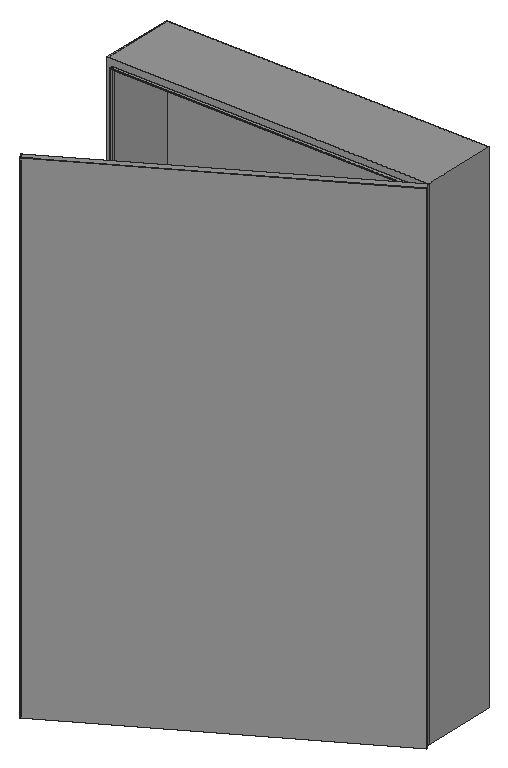
Revit family "Hager-Univers-IP44-D205-H1250-Cl.II-Encl-NoHosted-CH-de", category Equipement électrique, Revit 2020
Family settings
  Configuration du panneau = Deux colonnes, circuits au sein
  Cote de connecteur circulaire = Utiliser le diamètre
  Type d'élément = Tableau de raccordement
  Basée sur le plan de construction = Oui
  Toujours verticalement = Oui
  Couper avec des vides une fois chargée = Non
  Partagée = Non
  Point de calcul de pièce = Non
Parameters (values of type "Aufputz IP44 B800 H1250 T205  - FP83QS")
  Width Control [instance] = if([EF000008 - Breite] > Min Width, [EF000008 - Breite], Min Width)  # 800 mm
  Commentaires du type = [HG000003 - Bereich]  # "Univers"
  Thickness Door [instance] = if([EF009171 - Materialstärke Tür/Deckel] > 3 mm, 3 mm, [EF009171 - Materialstärke Tür/Deckel])  # 1 mm
  Seal Frame Offset [instance] = 17 mm  # constant formula
  Plinth Visibility [instance] = [HG000027 - Sockelhöhe] > 0 mm  # no
  Min Width [instance] = 100 mm  # constant formula
  Min Depth [instance] = (2 * [EF009170 - Materialstärke Gehäuse]) + 1 mm  # 3 mm
  Min Height [instance] = 100 mm  # constant formula
  Internal Frame Depth [instance] = (Door System Depth * 0.5)  # 9 mm
  Panel Name [instance] = ""  # (empty or 0)
  Model = ""
  HG000027 - Sockelhöhe = 0 mm
  HG000026 - Stehend auf dem Boden = no
  HG000024 - Höhe des unteren Teils = 600 mm
  HG000023 - Gehäuse mit doppeltem Querschnitt = no
  HG000016 - 3D-Türsichtbarkeit [instance] = yes
  HG000015 - Sichtbarkeit der Türöffnung [instance] = no
  HG000014 - Tür rechts [instance] = yes
  HG000013 - Tür links [instance] = not([HG000014 - Tür rechts])  # no
  HG000012 - Türschwenkwinkel [instance] = 30.00°
  HG000010 - Asymmetrische Türen = no
  HG000009 - Doppelflügeligen Tür = no
  HG000006 - Unterputz = no
  HG000004 - Herstellerreferenz = "FP83QS"
  HG000003 - Bereich = "Univers"
  HG000002 - Mit tür = yes
  Frame Offset Bottom [instance] = 10 mm  # constant formula
  Frame Offset [instance] = 15 mm  # constant formula
  EF015940 - Deckel mit Überdruckentlastung = no
  EF011959 - Schutzart (NEMA) = ""
  EF009554 - Anzahl der Öffnungen für Flanschplatten = 6
  EF009212 - Ausführung Deckel = "EV000116 - geschlossen"
  EF009171 - Materialstärke Tür/Deckel = 1 mm
  EF009170 - Materialstärke Gehäuse = 1 mm
  EF008873 - Nennstrom (In) = 250 A
  EF007800 - Geeignet für Blitzschutz = no
  EF006306 - Mit Schloss = no
  EF006244 - Transparenter Deckel/Tür = no
  EF005474 - Schutzart (IP) = "EV006418 - IP44"
  EF004464 - Art der Tür = "EV002646 - Einzel"
  EF004427 - Anzahl der Module = 288
  EF004293 - Schlagfestigkeit = "EV006815 - IK09"
  EF003532 - Geeignet für Außengebrauch = no
  EF002950 - Breite in Teilungseinheiten = 36
  EF001613 - Funktionserhalt = "EV000494 - ohne"
  EF001596 - Werkstoff des Gehäuses = "EV000179 - Stahl"
  EF001131 - Innentiefe = 143 mm
  EF001088 - Anbaumöglichkeit = yes
  EF000437 - Anzahl der Leitungseinführungen = 6
  EF000339 - Art der Abdeckung = "EV001012 - Deckel"
  EF000266 - Anzahl der Reihen = 8
  EF000218 - Einbautiefe = 0 mm
  EF000118 - Mit Montageplatte = no
  EF000116 - RAL-Nummer = "9010"
  EF000049 - Tiefe = 205 mm
  EF000040 - Höhe = 1250 mm
  EF000008 - Breite = 800 mm
  EF000007 - Farbe = "EV000202 - weiß"
  EF000003 - Montageart = "EV000384 - Aufputz"
  Door System Leaf Tolerance [instance] = 1.5 mm  # constant formula
  Door System Depth [instance] = 18 mm  # constant formula
  Door Height [instance] = Height Control - [HG000027 - Sockelhöhe]  # 1250 mm
  Description = ""
  Default Elevation = 1219.2 mm
  Connector Offset [instance] = Height Control / 2  # 625 mm
  Fabricant = "Hager"  # constant formula
  Height Control [instance] = if([EF000040 - Höhe] > Min Height, [EF000040 - Höhe], Min Height)  # 1250 mm
  Depth Control [instance] = if([EF000049 - Tiefe] > Min Depth, [EF000049 - Tiefe], Min Depth)  # 205 mm
  Bottom Top Plate Trim [instance] = 1.5 mm  # constant formula
  Plinth height Ctrl [instance] = if([HG000027 - Sockelhöhe] > 0 mm, [HG000027 - Sockelhöhe], 12 mm)  # 12 mm
Types (5, lengths in mm): name | Width Control | HG000009 - Doppelflügeligen Tür | HG000004 - Herstellerreferenz | EF009554 - Anzahl der Öffnungen für Flanschplatten | EF004464 - Art der Tür | EF004427 - Anzahl der Module | EF002950 - Breite in Teilungseinheiten | EF000437 - Anzahl der Leitungseinführungen | EF000008 - Breite
  Aufputz IP44 B1050 H1250 T205  - FP84QS | 1050 | yes | "FP84QS" | 8 | "EV003602 - Doppel" | 384 | 48 | 8 | 1050
  Aufputz IP44 B1300 H1250 T205  - FP85QS | 1300 | yes | "FP85QS" | 10 | "EV003602 - Doppel" | 480 | 60 | 10 | 1300
  Aufputz IP44 B300 H1250 T205  - FP81QS | 300 | no | "FP81QS" | 2 | "EV002646 - Einzel" | 96 | 12 | 2 | 300
  Aufputz IP44 B550 H1250 T205  - FP82QS | 550 | no | "FP82QS" | 4 | "EV002646 - Einzel" | 192 | 24 | 4 | 550
  Aufputz IP44 B800 H1250 T205  - FP83QS | 800 | no | "FP83QS" | 6 | "EV002646 - Einzel" | 288 | 36 | 6 | 800
Reference planes
  plane 1 "Center (Front/Back)": y = 0
  plane 2: z = 0
  plane 3 "Center (Left/Right)": x = 0
  plane 4: y = 0
  plane 5: y = 0
  plane 6: z = 0
  plane 7: x = -400
  plane 8: x = 400
  plane 9: x = 399
  plane 10: x = -399
  plane 11: z = 0
  plane 12: z = 1
  plane 13: y = -205
  plane 14: y = -1
  plane 15: x = 0
  plane 16: y = -187
  plane 17: y = -204
  plane 18: y = -186
  plane 19: x = -384
  plane 20: x = 384
  plane 21: z = 11
  plane 22: x = -383
  plane 23: x = 383
  plane 24: z = 0
  plane 25: z = 1250
  plane 26: z = 1250
  plane 27: z = 1234
  plane 28: z = 1249
Forms (mm)
  Extrusion 1, solid, material "Hager_Steel_RAL7035_Light_Grey", detail levels medium+fine
    sketch origin (-208.679, -4572, 0) x (-1, 0, 0) y (0, -1, 0)
      loop
        line (191.321, -4385) -> (-608.679, -4385) -> (-608.679, -4572) -> (191.321, -4572) -> (191.321, -4385)
    from 0 to 1250
  Extrusion 2, void
    sketch origin (-350.771, -205, 1219.2) x (1, 0, 0) y (0, 0, 1)
      loop
        line (-48.229, 29.8) -> (-48.229, -1218.2) -> (749.771, -1218.2) -> (749.771, 29.8) -> (-48.229, 29.8)
    from -19 to -204
  Extrusion 3, void
    sketch origin (-290.084, -187, 1219.2) x (1, 0, 0) y (0, 0, 1)
      loop
        line (-93.916, -1208.2) -> (674.084, -1208.2) -> (674.084, 14.8) -> (-93.916, 14.8) -> (-93.916, -1208.2)
    from 0 to -1
  Extrusion 4, solid, material "Hager_Steel_RAL7035_Light_Grey", visible <- "Plinth Visibility", detail levels medium+fine
    sketch origin (0, 0, 0) x (1, 0, 0) y (0, 1, 0)
      loop
        line (-400, 0) -> (-400, -187) -> (400, -187) -> (400, 0) -> (-400, 0)
    from 0 to 12 <- "Plinth height Ctrl"
  Extrusion 5, solid, material "Hager_Steel_RAL7035_Light_Grey", detail levels coarse
    sketch origin (0, 0, 0) x (1, 0, 0) y (0, 1, 0)
      loop
        line (-400, 0) -> (-400, -205) -> (400, -205) -> (400, 0) -> (-400, 0)
    from 0 to 1250 <- "Height Control"
  Sweep 6, void
    path in 3D
      loop
        line (-400, -187, 12) -> (400, -187, 12) -> (400, 0, 12) -> (-400, 0, 12) -> (-400, -187, 12)
    profile origin (-400, -93.5, 12) x (1, 0, 0) y (0, 0, 1)
      loop
        line (0, 0) -> (0, -1.5) -> (1.5, -1.5)
        arc (1.5, -1.5) -> (1.061, -0.439) -> (0, 0) r 1.5
  Extrusion 7, solid, material "Hager_Steel_RAL7035_Light_Grey", detail levels fine
    sketch origin (-400, -187, 0) x (1, 0, 0) y (0, 0, 1)
      loop
        line (16, 11) -> (784, 11) -> (784, 1234) -> (16, 1234) -> (16, 11)
      loop
        line (15, 10) -> (785, 10) -> (785, 1235) -> (15, 1235) -> (15, 10)
    from 0 to 9 <- "Internal Frame Depth"
Cuts and joins
  Extrusion 2, Extrusion 3 cuts Extrusion 1
  Sweep 6 cuts Extrusion 4
Lines and regions (mm)
  Masking region 1
    outline origin (0, 0, 0) x (1, 0, 0) y (0, 1, 0)
      loop
        line (-400, 0) -> (-400, -205) -> (400, -205) -> (400, 0) -> (-400, 0)
  Masking region 2, detail levels coarse
    outline origin (-290.084, -187, 1219.2) x (-1, 0, 0) y (0, 0, 1)
      loop
        line (-690.084, -1219.2) -> (109.916, -1219.2) -> (109.916, 30.8) -> (-690.084, 30.8) -> (-690.084, -1219.2)
  Masking region 3, detail levels coarse
    outline origin (0, 0, 0) x (0, 1, 0) y (0, 0, 1)
      loop
        line (0, 0) -> (0, 1250) -> (-205, 1250) -> (-205, 0) -> (0, 0)
  Masking region 4, visible <- "Plinth Visibility", detail levels medium+fine
    outline origin (0, 0, 0) x (0, 1, 0) y (0, 0, 1)
      loop
        line (-1.5, 12) -> (-185.5, 12)
        arc (-185.5, 12) -> (-185.939, 10.939) -> (-187, 10.5) r 1.5
        line (-187, 10.5) -> (-187, 0) -> (0, 0) -> (0, 10.5)
        arc (0, 10.5) -> (-1.061, 10.939) -> (-1.5, 12) r 1.5
  Masking region 5, detail levels medium+fine
    outline origin (0, 0, 594.038) x (0, 1, 0) y (0, 0, 1)
      loop
        line (0, -594.038) -> (0, 655.962) -> (-187, 655.962) -> (-187, -594.038) -> (0, -594.038)
  Masking region 6, detail levels medium+fine
    outline origin (-359.7, -187, 1211.883) x (-1, 0, 0) y (0, 0, 1)
      loop
        line (-759.7, -1211.883) -> (40.3, -1211.883) -> (40.3, 38.117) -> (-759.7, 38.117) -> (-759.7, -1211.883)
  Masking region 7, visible <- "Plinth Visibility", detail levels medium+fine
    outline origin (-320.334, -187, 1041.368) x (-1, 0, 0) y (0, 0, 1)
      loop
        line (-720.334, -1041.368) -> (79.666, -1041.368) -> (79.666, -1030.868)
        arc (79.666, -1030.868) -> (78.606, -1030.429) -> (78.166, -1029.368) r 1.5
        line (78.166, -1029.368) -> (-718.834, -1029.368)
        arc (-718.834, -1029.368) -> (-719.273, -1030.429) -> (-720.334, -1030.868) r 1.5
        line (-720.334, -1030.868) -> (-720.334, -1041.368)
  sketch lines
    curve 1: line (-400, 0, 12) -> (-400, -187, 12)
    curve 2: line (-400, -187, 12) -> (400, -187, 12)
    curve 3: line (400, 0, 12) -> (-400, 0, 12)
    curve 4: line (400, -187, 12) -> (400, 0, 12)
Dimensions and locks
  locked: plane 1 "Center (Front/Back)" to plane 5
  "EF009170 - Materialstärke Gehäuse": plane 7 to plane 10
  "EF009170 - Materialstärke Gehäuse": plane 8 to plane 9
  equal spacing: plane 7, plane 3 "Center (Left/Right)", plane 8
  "Width Control": plane 7 to plane 8
  "Depth Control": plane 4 to plane 13
  "EF009170 - Materialstärke Gehäuse": plane 4 to plane 14
  "Height Control": plane 25 to level
  "HG000027 - Sockelhöhe": plane 11 to level
  "EF009170 - Materialstärke Gehäuse": plane 12 to plane 11
  "EF009170 - Materialstärke Gehäuse": plane 17 to plane 13
  "EF009170 - Materialstärke Gehäuse": plane 18 to plane 16
  "Frame Offset Bottom": plane 21 to plane 12
  "Frame Offset": plane 10 to plane 19
  "Frame Offset": plane 9 to plane 20
  "Door System Depth": plane 16 to plane 13
  "Seal Frame Offset": plane 7 to plane 22
  "Seal Frame Offset": plane 8 to plane 23
  "EF009170 - Materialstärke Gehäuse": plane 26 to plane 28
  "Frame Offset": plane 28 to plane 27
  "Connector Offset": plane 2 to connector elem
  "Bottom Top Plate Trim": profile plane to Sweep 6 sketch curve
  "Bottom Top Plate Trim": Sweep 6 sketch curve to Sweep 6 sketch curve
  "Plinth height Ctrl": Masking region 4 sketch curve to level
  "Plinth height Ctrl": Masking region 7 sketch curve to level
  "Thickness Door": Extrusion 7 sketch curve to Extrusion 7 sketch curve  (x4)
  "Bottom Top Plate Trim": radius of Sweep 6 sketch curve
  "Bottom Top Plate Trim": radius of Masking region 4 sketch curve  (x2)
  "Bottom Top Plate Trim": radius of Masking region 7 sketch curve  (x2)
  aligned and locked: Extrusion 2 sketch curve to plane 12
  aligned and locked: Extrusion 2 sketch curve to plane 9
  aligned and locked: Extrusion 2 sketch curve to plane 10
  aligned and locked: Extrusion 2 to plane 14
  aligned and locked: Extrusion 1 sketch curve to plane 4
  aligned and locked: plane 8 to Extrusion 1 sketch curve
  aligned and locked: plane 7 to Extrusion 1 sketch curve
  aligned and locked: Extrusion 2 to plane 18
  aligned and locked: Extrusion 3 sketch curve to plane 19
  aligned and locked: plane 20 to Extrusion 3 sketch curve
  aligned and locked: Extrusion 3 to Extrusion 2
  aligned and locked: Extrusion 3 sketch curve to plane 21
  aligned and locked: plane 3 "Center (Left/Right)" to nested 1
  aligned and locked: Extrusion 1 sketch curve to plane 16
  aligned and locked: Extrusion 4 sketch curve to cut or joined group of Extrusion 1, Extrusion 2, Extrusion 3
  aligned and locked: Masking region 1 sketch curve to plane 7
  aligned and locked: Masking region 1 sketch curve to plane 5
  aligned and locked: Masking region 1 sketch curve to plane 8
  aligned and locked: Masking region 2 sketch curve to level
  aligned and locked: level to Masking region 3 sketch curve
  aligned and locked: plane 1 "Center (Front/Back)" to Masking region 3 sketch curve
  aligned and locked: plane 13 to Masking region 3 sketch curve
  aligned and locked: plane 5 to Masking region 4 sketch curve
  aligned and locked: Masking region 2 sketch curve to plane 8
  aligned and locked: Masking region 2 sketch curve to plane 7
  aligned and locked: plane 7 to nested 2
  aligned and locked: nested 2 to plane 5
  aligned and locked: plane 5 to Masking region 5 sketch curve
  aligned and locked: plane 26 to Masking region 5 sketch curve
  aligned and locked: Extrusion 5 sketch curve to plane 8
  aligned and locked: Extrusion 5 sketch curve to plane 7
  aligned and locked: Extrusion 5 sketch curve to plane 5
  aligned and locked: Extrusion 3 sketch curve to plane 27
  aligned and locked: Extrusion 2 sketch curve to plane 28
  aligned and locked: Masking region 2 to plane 25
  aligned and locked: Extrusion 4 to plane 16
  aligned and locked: profile plane to Sweep 6 sketch curve
  aligned and locked: Masking region 5 sketch curve to plane 24
  aligned and locked: level to Masking region 4 sketch curve
  aligned and locked: Masking region 1 to plane 13
  aligned and locked: nested 1 to plane 16
  aligned and locked: Masking region 3 to plane 25
  aligned and locked: plane 16 to Masking region 4 sketch curve
  aligned and locked: Masking region 5 sketch curve to plane 16
  aligned and locked: plane 24 to plane 11
  aligned and locked: plane 26 to plane 25
  aligned and locked: plane 26 to cut or joined group of Extrusion 1, Extrusion 2, Extrusion 3
  aligned and locked: nested 1 to plane 24
  aligned and locked: Extrusion 1 to Extrusion 3
  aligned and locked: Masking region 6 sketch curve to plane 8
  aligned and locked: Masking region 6 sketch curve to plane 24
  aligned and locked: Masking region 6 sketch curve to plane 7
  aligned and locked: Masking region 6 sketch curve to plane 26
  aligned and locked: Masking region 7 sketch curve to plane 7
  aligned and locked: level to Masking region 7 sketch curve
  aligned and locked: Masking region 7 sketch curve to plane 8
  aligned and locked: Extrusion 7 sketch curve to cut or joined group of Extrusion 1, Extrusion 2, Extrusion 3  (x4)
Automatic sketch dimensions
  plane 19 to Extrusion 3 sketch curve = 0 mm
  Extrusion 3 sketch curve to plane 20 = 0 mm
  Extrusion 3 sketch curve to plane 21 = 0 mm
  Extrusion 4 sketch curve to plane 7 = 0 mm
  Extrusion 4 sketch curve to plane 8 = 0 mm
  Extrusion 4 sketch curve to plane 16 = 0 mm
  Masking region 1 sketch curve to plane 13 = 0 mm
  Masking region 2 sketch curve to plane 25 = 0 mm
  Masking region 3 sketch curve to plane 25 = 0 mm
  Extrusion 5 sketch curve to plane 13 = 0 mm
  profile plane to Sweep 6 sketch curve = 0 mm
Nested families
  nested 1: "EC000058_Univers_Door" at (0, -187, 0), Double <- "HG000009 - Doppelflügeligen Tür", Transparent <- "EF006244 - Transparenter Deckel/Tür", Angle <- "HG000012 - Türschwenkwinkel", Door_Right <- "HG000014 - Tür rechts", Assymetrical <- "HG000010 - Asymmetrische Türen", Door <- "HG000002 - Mit tür", Width_Ctrl <- "Width Control", 3d_Door <- "HG000016 - 3D-Türsichtbarkeit", Clearance <- "HG000015 - Sichtbarkeit der Türöffnung", Door_Left <- "HG000013 - Tür links", Width <- "Width Control", Door_Depth <- "Door System Depth", Leaf_Tolerance <- "Door System Leaf Tolerance", Height <- "Door Height", Lock_Visibility <- "EF006306 - Mit Schloss", Thickness <- "Thickness Door", type "EC000058_Univers_Door", detail levels medium+fine
    with min_wh 3 mm, Width_Ctrl 800 mm, Width 800 mm, Transparent no, Thickness 1 mm, Seal_Material Hager_Rubber, Lock_Visibility no, Lock_Material Hager_Plastic_RAL9005_Jet_Black, Leaf_Width 800 mm, Leaf_Tolerance_External_Sides 0 mm, Leaf_Tolerance 1.5 mm, Leaf_Offset 0 mm, Leaf_Height 1247 mm, Leaf_2_Width 800 mm, Leaf_2_Offset 400 mm, Leaf_1_Width 800 mm, Leaf_1_Offset 400 mm, Height_Ctrl 1250 mm, Height 1250 mm, Glass_Material Hager_Glass, Double_Clearance_Ctrl no, Double no, Door_Right_Ctrl yes, Door_Right yes, Door_Material Hager_Steel_RAL7035_Light_Grey, Door_Left_Ctrl no, Door_Left no, Door_Depth 18 mm, Door yes, Clearance_Material Hager_Clearance, Clearance_Depth 800 mm, Clearance_Ctrl no, Clearance no, Assymetrical no, Angle 30.00°, 3d_Door yes
  nested 2: "Hager_Enclosure_Symbol" at (-400, 0, 0), Height <- "Depth Control", Width <- "Width Control", type "Hager_Enclosure_Symbol"
    with Width_Ctrl 800 mm, Width 800 mm, Height_Ctrl 205 mm, Height 205 mm, A_Width_Int 13.453 mm, A_Width 161.438 mm, A_Height_Ctrl 179.375 mm, A_Height 179.375 mm
Connectors
  electrical at (0, 0, 625)
    settings: on plane 1 "Center (Front/Back)", index 1, voltage 0 V, apparent load 0 VA, apparent load phase1 0 VA, apparent load phase2 0 VA, apparent load phase3 0 VA, power factor 1, load classification "Other", number of poles 1, system type 30, power factor state 1, is connector primary yes, connector utility no, sub classification motor no, connector description ""
Definition of nested family "EC000058_Univers_Door"
  Parameters (values of type "EC000058_Univers_Door")
    min_wh [instance] = (2 * Thickness) + 1 mm  # 11 mm
    Width_Ctrl [instance] = 400 mm
    Width [instance] = 500 mm
    Transparent [instance] = yes
    Thickness [instance] = 5 mm
    Seal_Material [instance] = none
    Lock_Visibility [instance] = yes
    Lock_Material [instance] = none
    Leaf_Width [instance] = if((Width_Ctrl - 2 * Leaf_Tolerance_External_Sides) > 0 mm, (Width_Ctrl - 2 * Leaf_Tolerance_External_Sides), min_wh)  # 400 mm
    Leaf_Tolerance_External_Sides [instance] = 0 mm  # constant formula
    Leaf_Tolerance [instance] = 1.5 mm
    Leaf_Offset [instance] = 0 mm  # constant formula
    Leaf_Height [instance] = if((Height_Ctrl - 2 * Leaf_Tolerance) > 0 mm, (Height_Ctrl - 2 * Leaf_Tolerance), min_wh)  # 497 mm
    Leaf_2_Width [instance] = if(and(and(Double, Assymetrical), Door_Left), (Leaf_Width / 3) - (Leaf_Tolerance / 2), if(and(and(Double, Assymetrical), Door_Right), (Leaf_Width / 3) * 2 - (Leaf_Tolerance / 2), if(and(Double, not(Assymetrical)), (Leaf_Width / 2) - Leaf_Tolerance, Leaf_Width)))  # 400 mm
    Leaf_2_Offset [instance] = if(and(Double, Assymetrical), Leaf_2_Width / 2, if(and(Double, not(Assymetrical)), Leaf_Width / 4, Leaf_Width / 2))  # 200 mm
    Leaf_1_Width [instance] = if(and(and(Double, Assymetrical), Door_Right), (Leaf_Width / 3) - (Leaf_Tolerance / 2), if(and(and(Double, Assymetrical), Door_Left), (Width / 3) * 2 - (Leaf_Tolerance / 2), if(and(Double, not(Assymetrical)), (Leaf_Width / 2) - Leaf_Tolerance, Leaf_Width)))  # 400 mm
    Leaf_1_Offset [instance] = if(and(Double, Assymetrical), Leaf_1_Width / 2, if(and(Double, not(Assymetrical)), Leaf_Width / 4, Leaf_Width / 2))  # 200 mm
    Height_Ctrl [instance] = if(Height > min_wh, Height, min_wh)  # 500 mm
    Height [instance] = 500 mm
    Glass_Material [instance] = none
    Double_Clearance_Ctrl [instance] = and(Double, Clearance)  # no
    Double [instance] = no
    Door_Right_Ctrl [instance] = and(or(Door_Right, Double), Door)  # yes
    Door_Right [instance] = yes
    Door_Material [instance] = none
    Door_Left_Ctrl [instance] = and(or(Door_Left, Double), Door)  # no
    Door_Left [instance] = no
    Door_Depth [instance] = 30 mm
    Door [instance] = yes
    Default Elevation = 1219.2 mm
    Clearance_Material [instance] = none
    Clearance_Depth [instance] = if(Leaf_1_Width > Leaf_2_Width, Leaf_1_Width, Leaf_2_Width)  # 400 mm
    Clearance_Ctrl [instance] = and(not(Double), Clearance)  # yes
    Clearance [instance] = yes
    Assymetrical [instance] = yes
    Angle [instance] = 30.00°
    3d_Door [instance] = yes
  Reference planes
    plane 1 "Center (Front/Back)": y = 0
    plane 2 "Bottom": z = 0
    plane 3 "Center (Left/Right)": x = 0
    plane 4: z = 500
    plane 5: x = -200
    plane 6: x = 200
    plane 7: z = 500
    plane 8: x = -200
    plane 9: z = 0
    plane 10: x = 200
    plane 11: y = 0
    plane 12: z = 1.5
    plane 13: x = -600
    plane 14: y = -400
    plane 15: x = 600
    plane 16: x = 0
    plane 17: x = 0
    plane 18: x = -200
    plane 19: x = 200
    plane 20: z = 498.5
  Forms (mm)
    Extrusion 1, solid, material <- "Clearance_Material", visible <- "Double_Clearance_Ctrl"
      sketch origin (1200, 0, 0) x (1, 0, 0) y (0, 0, -1)
        loop
          line (-1800, -498.5) -> (-600, -498.5) -> (-600, 0) -> (-1800, 0) -> (-1800, -498.5)
      from 0 to -400
  Dimensions and locks
    equal spacing: plane 5, plane 3 "Center (Left/Right)", plane 6
    "Width_Ctrl": plane 5 to plane 6
    "Leaf_Offset": plane 5 to plane 8
    "Leaf_Offset": plane 6 to plane 10
    "Leaf_Offset": plane 9 to level
    "Leaf_Offset": plane 4 to plane 7
    "Height_Ctrl": plane 4 to level
    "Leaf_Tolerance": plane 12 to plane 9
    locked: plane 11 to plane 1 "Center (Front/Back)"
    "Leaf_1_Offset": plane 18 to plane 16
    "Leaf_2_Offset": plane 17 to plane 19
    "Leaf_1_Width": plane 13 to plane 8
    "Leaf_2_Width": plane 10 to plane 15
    "Clearance_Depth": plane 14 to plane 1 "Center (Front/Back)"
    "Leaf_Tolerance_External_Sides": plane 8 to plane 18
    "Leaf_Tolerance_External_Sides": plane 19 to plane 10
    "Leaf_Tolerance": plane 7 to plane 20
    aligned and locked: level to plane 2 "Bottom"
    aligned and locked: nested 1 to plane 16
    aligned and locked: nested 2 to plane 17
    aligned and locked: Extrusion 1 to plane 13
    aligned and locked: plane 15 to Extrusion 1
    aligned and locked: Extrusion 1 to plane 14
    aligned and locked: plane 12 to nested 1
    aligned and locked: nested 2 to plane 12
    aligned and locked: Extrusion 1 to plane 11
    aligned and locked: plane 20 to Extrusion 1
    aligned and locked: nested 2 to plane 11
    aligned and locked: nested 1 to plane 11
  Automatic sketch dimensions
    Extrusion 1 sketch curve to level = 0 mm
    plane 5 to Extrusion 1 sketch curve = 400 mm
    plane 6 to Extrusion 1 sketch curve = 400 mm
    Extrusion 1 sketch curve to plane 4 = 1.5 mm
  Nested families
    nested 1: "EC000058_Univers_Door_Leaf" at (0, 0, 1.5), Width <- "Leaf_1_Width", visible <- "Door_Left_Ctrl", Leaf_Height <- "Leaf_Height", Angle <- "Angle", 3d_Door <- "3d_Door", Transparent <- "Transparent", Clearance Material <- "Clearance_Material", Clearance <- "Clearance_Ctrl", Door_Material <- "Door_Material", Glass_Material <- "Glass_Material", Door_Depth <- "Door_Depth", Lock_Material <- "Lock_Material", Seal_Material <- "Seal_Material", Lock_Visibility <- "Lock_Visibility", Thickness <- "Thickness", type "EC000058_Univers_Door_Leaf"
      with Width 400 mm, Transparent_Glass_Offset 30 mm, Transparent_Ctrl yes, Transparent yes, Thickness 5 mm, Standard no, Seal_Material none, Seal_D2 8 mm, Seal_D1 1 mm, Offset_Internal_Frame 10 mm, Lock_Width 20 mm, Lock_Visibility_3d yes, Lock_Visibility yes, Lock_Thickness_3 3 mm, Lock_Thickness_2 1 mm, Lock_Thickness_1 3 mm, Lock_Radius_Offset_2 16 mm, Lock_Radius_Offset_1 15 mm, Lock_Radius_2 5 mm, Lock_Radius 6 mm, Lock_Offset 5 mm, Lock_Material none, Lock_Height 80 mm, Lock_Cover_Top_Offset_2d 17 mm, Lock_Cover_Height -65 mm, Leaf_Height 497 mm, Internal_Seal_Thickness 8 mm, Internal_Seal_Depth_2 4.5 mm, Internal_Frame_Depth 25 mm, Glass_Thickness -1 mm, Glass_Offset -2 mm, Glass_Material none, Door_Material none, Door_Depth 30 mm, Clearance Material none, Clearance yes, Angle_Ctrl 30.00°, Angle 30.00°, 3d_Door yes
    nested 2: "EC000058_Univers_Door_Leaf" at (0, 0, 1.5) x (-1, 0, 0) z (0, 0, 1), Width <- "Leaf_2_Width", visible <- "Door_Right_Ctrl", Leaf_Height <- "Leaf_Height", Angle <- "Angle", 3d_Door <- "3d_Door", Transparent <- "Transparent", Clearance Material <- "Clearance_Material", Clearance <- "Clearance_Ctrl", Door_Material <- "Door_Material", Glass_Material <- "Glass_Material", Door_Depth <- "Door_Depth", Lock_Material <- "Lock_Material", Seal_Material <- "Seal_Material", Lock_Visibility <- "Lock_Visibility", Thickness <- "Thickness", type "EC000058_Univers_Door_Leaf"
      with Width 400 mm, Transparent_Glass_Offset 30 mm, Transparent_Ctrl yes, Transparent yes, Thickness 5 mm, Standard no, Seal_Material none, Seal_D2 8 mm, Seal_D1 1 mm, Offset_Internal_Frame 10 mm, Lock_Width 20 mm, Lock_Visibility_3d yes, Lock_Visibility yes, Lock_Thickness_3 3 mm, Lock_Thickness_2 1 mm, Lock_Thickness_1 3 mm, Lock_Radius_Offset_2 16 mm, Lock_Radius_Offset_1 15 mm, Lock_Radius_2 5 mm, Lock_Radius 6 mm, Lock_Offset 5 mm, Lock_Material none, Lock_Height 80 mm, Lock_Cover_Top_Offset_2d 17 mm, Lock_Cover_Height -65 mm, Leaf_Height 497 mm, Internal_Seal_Thickness 8 mm, Internal_Seal_Depth_2 4.5 mm, Internal_Frame_Depth 25 mm, Glass_Thickness -1 mm, Glass_Offset -2 mm, Glass_Material none, Door_Material none, Door_Depth 30 mm, Clearance Material none, Clearance yes, Angle_Ctrl 30.00°, Angle 30.00°, 3d_Door yes
  Definition of nested family "EC000058_Univers_Door_Leaf"
    Parameters (values of type "EC000058_Univers_Door_Leaf")
      Width [instance] = 2000 mm
      Transparent_Glass_Offset [instance] = 30 mm
      Transparent_Ctrl [instance] = and(Transparent, [3d_Door])  # yes
      Transparent [instance] = yes
      Thickness [instance] = 5 mm
      Standard [instance] = and(not(Transparent), [3d_Door])  # no
      Seal_Material [instance] = none
      Seal_D2 [instance] = 8 mm  # constant formula
      Seal_D1 [instance] = 1 mm  # constant formula
      Offset_Internal_Frame [instance] = 10 mm  # constant formula
      Lock_Width [instance] = 20 mm  # constant formula
      Lock_Visibility_3d [instance] = and(Lock_Visibility, [3d_Door])  # yes
      Lock_Visibility [instance] = yes
      Lock_Thickness_3 [instance] = 3 mm  # constant formula
      Lock_Thickness_2 [instance] = 1 mm  # constant formula
      Lock_Thickness_1 [instance] = 3 mm  # constant formula
      Lock_Radius_Offset_2 [instance] = Lock_Radius_Offset_1 + 1 mm  # 16 mm
      Lock_Radius_Offset_1 [instance] = 15 mm  # constant formula
      Lock_Radius_2 [instance] = Lock_Radius - 1 mm  # 5 mm
      Lock_Radius [instance] = 6 mm  # constant formula
      Lock_Offset [instance] = 5 mm  # constant formula
      Lock_Material [instance] = none
      Lock_Height [instance] = 80 mm  # constant formula
      Lock_Cover_Top_Offset_2d [instance] = Lock_Radius_Offset_2 + 1 mm  # 17 mm
      Lock_Cover_Height [instance] = -(Lock_Height - Lock_Radius_Offset_1)  # -65 mm
      Leaf_Height [instance] = 2720.336 mm
      Internal_Seal_Thickness [instance] = 8 mm  # constant formula
      Internal_Seal_Depth_2 [instance] = 4.5 mm  # constant formula
      Internal_Frame_Depth [instance] = if(Door_Depth - Thickness > 5 mm, Door_Depth - Thickness, 5 mm)  # 25 mm
      Glass_Thickness [instance] = if(Thickness > 15 mm, Glass_Offset + 10 mm, -1 mm)  # -1 mm
      Glass_Offset [instance] = if(Thickness > 15 mm, -(Thickness + 10 mm) / 2, -2 mm)  # -2 mm
      Glass_Material [instance] = none
      Door_Material [instance] = none
      Door_Depth [instance] = 30 mm
      Default Elevation = 0 mm
      Clearance Material [instance] = none
      Clearance [instance] = yes
      Angle_Ctrl [instance] = if(Angle > 180.00°, 180.00°, Angle)  # 90.00°
      Angle [instance] = 90.00°
      3d_Door [instance] = yes
    Reference planes
      plane 1 "Center (Front/Back)": y = 0
      plane 2: z = 0
      plane 3 "Center (Left/Right)": x = 0
      plane 4: y = 2000
      plane 5: x = -1000
      plane 6: x = 1000
      plane 7: x = -3000
      plane 8: z = 2720.336
      plane 9: z = 30
      plane 10: z = 2690.336
      plane 11: x = 970
      plane 12: x = -970
      plane 13: y = -3
      plane 14: z = 107.833
      plane 15: y = -5
      plane 16: y = -223.314
      plane 17: x = -1000
      plane 18: z = 1360.168
      plane 19: y = 30
    Forms (mm)
      Extrusion 1, solid, material <- "Clearance Material", visible <- "Clearance"
        sketch origin (0, 0, 0) x (1, 0, 0) y (0, 0, 1)
          loop
            line (-3000, 2720.336) -> (-3000, 0) -> (1000, 0) -> (1000, 2720.336) -> (-3000, 2720.336)
        from 0 to -2000
      Extrusion 2, solid, material <- "Door_Material", visible <- "Standard", detail levels medium+fine
        sketch origin (-1000, 0, 0) x (0, 1, 0) y (-1, 0, 0)
          loop
            line (0, 30) -> (0, 25) -> (2000, 25) -> (2000, 30) -> (0, 30)
        from 0 to 2720.336 <- "Leaf_Height"
      Extrusion 3, solid, material <- "Door_Material", visible <- "Transparent_Ctrl", detail levels medium+fine
        sketch origin (-1000, 0, 0) x (0, 1, 0) y (-1, 0, 0)
          loop
            line (0, 25) -> (2000, 25) -> (2000, 30) -> (0, 30) -> (0, 25)
        from 0 to 2720.336 <- "Leaf_Height"
      Extrusion 4, void
        sketch origin (-1025, 2000, 0) x (0, 1, 0) y (0, 0, -1)
          loop
            line (-30, -2690.336) -> (-30, -30) -> (-1970, -30) -> (-1970, -2690.336) -> (-30, -2690.336)
        from 0 to 5 <- "Thickness"
      Sweep 5, solid, material <- "Seal_Material", visible <- "Transparent_Ctrl", detail levels fine
        path in 3D
          loop
            line (-1025, 30, 30) -> (-1025, 30, 2690.336) -> (-1025, 1970, 2690.336) -> (-1025, 1970, 30) -> (-1025, 30, 30)
        profile origin (-1025, 1000, 30) x (1, 0, 0) y (0, 0, 1)
          loop
            line (0, 0) -> (0, -8) -> (1, -8) -> (1, 0) -> (0, 0)
      Extrusion 6, solid, material <- "Glass_Material", visible <- "Transparent_Ctrl", detail levels medium+fine
        sketch origin (-1030, 0, 0) x (0, 1, 0) y (0, 0, -1)
          loop
            line (1970, -2690.336) -> (1970, -30) -> (30, -30) -> (30, -2690.336) -> (1970, -2690.336)
        from -2 <- "Glass_Offset" to -1 <- "Glass_Thickness"
      Extrusion 7, solid, material <- "Door_Material", visible <- "3d_Door", detail levels medium+fine
        sketch origin (-1025, 2000, 0) x (0, -1, 0) y (0, 0, -1)
          loop
            line (0, -2720.336) -> (2000, -2720.336) -> (2000, 0) -> (0, 0) -> (0, -2720.336)
          loop
            line (1995, -5) -> (5, -5) -> (5, -2715.336) -> (1995, -2715.336) -> (1995, -5)
        from 0 to 25 <- "Internal_Frame_Depth"
      Sweep 8, solid, material <- "Seal_Material", visible <- "Transparent_Ctrl", detail levels fine
        path in 3D
          loop
            line (-1025, 0, 0) -> (-1025, 2000, 0) -> (-1025, 2000, 2720.336) -> (-1025, 0, 2720.336) -> (-1025, 0, 0)
        profile origin (-1025, 0, 1360.168) x (1, 0, 0) y (0, 1, 0)
          loop
            line (0, 10) -> (2.975, 10)
            arc (2.975, 10) -> (4.053, 10.447) -> (4.5, 11.525) r 1.525
            line (4.5, 11.525) -> (4.5, 16.527)
            arc (4.5, 16.527) -> (4.069, 17.569) -> (3.027, 18) r 1.473
            line (3.027, 18) -> (0, 18) -> (0, 10)
      Extrusion 9, solid, material <- "Lock_Material", visible <- "Lock_Visibility_3d", detail levels fine
        sketch origin (-1030, 0, 0) x (0, 1, 0) y (0, 0, -1)
          loop
            arc (1993.5, -1400.168) -> (1994.561, -1399.729) -> (1995, -1398.668) r 1.5
            line (1995, -1398.668) -> (1995, -1320.168) -> (1975, -1320.168) -> (1975, -1398.668)
            arc (1975, -1398.668) -> (1975.439, -1399.729) -> (1976.5, -1400.168) r 1.5
            line (1976.5, -1400.168) -> (1993.5, -1400.168)
        from 3 <- "Lock_Thickness_1" to 0
      Blend 10, solid, material <- "Lock_Material", visible <- "Lock_Visibility_3d", detail levels fine
        base sketch origin (-1033, 0, 0) x (0, 1, 0) y (0, 0, -1)
          loop
            line (1975, -1320.168) -> (1975, -1398.668)
            arc (1975, -1398.668) -> (1975.439, -1399.729) -> (1976.5, -1400.168) r 1.5
            line (1976.5, -1400.168) -> (1993.5, -1400.168)
            arc (1993.5, -1400.168) -> (1994.561, -1399.729) -> (1995, -1398.668) r 1.5
            line (1995, -1398.668) -> (1995, -1320.168) -> (1975, -1320.168)
        top sketch origin (-1033, 0, 0) x (0, 1, 0) y (0, 0, -1)
          loop
            line (1976, -1320.168) -> (1976, -1398.668)
            arc (1976, -1398.668) -> (1976.146, -1399.022) -> (1976.5, -1399.168) r 0.5
            line (1976.5, -1399.168) -> (1993.5, -1399.168)
            arc (1993.5, -1399.168) -> (1993.854, -1399.022) -> (1994, -1398.668) r 0.5
            line (1994, -1398.668) -> (1994, -1320.168) -> (1976, -1320.168)
        from 0 to 1 <- "Lock_Thickness_2"
      Blend 11, solid, material <- "Lock_Material", visible <- "Lock_Visibility_3d", detail levels fine
        base sketch origin (-1034, 0, 0) x (0, 1, 0) y (0, 0, -1)
          loop
            line (1978, -1320.168) -> (1978, -1384.168)
            arc (1978, -1384.168) -> (1985, -1391.168) -> (1992, -1384.168) r 7
            line (1992, -1384.168) -> (1992, -1320.168) -> (1978, -1320.168)
        top sketch origin (-1034, 0, 0) x (0, 1, 0) y (0, 0, -1)
          loop
            line (1991, -1320.168) -> (1979, -1320.168) -> (1979, -1383.168)
            arc (1979, -1383.168) -> (1985, -1389.168) -> (1991, -1383.168) r 6
            line (1991, -1383.168) -> (1991, -1320.168)
        from 0 to 3 <- "Lock_Thickness_3"
      Extrusion 12, solid, material <- "Lock_Material", visible <- "Lock_Visibility_3d", detail levels fine
        sketch origin (-1030, 1975, 1320.168) x (1, 0, 0) y (0, -1, 0)
          loop
            line (-7, -19) -> (-7, -1) -> (0, -1) -> (0, 0) -> (-8, 0) -> (-8, -20) -> (0, -20) -> (0, -19) -> (-7, -19)
        from 0 to -65 <- "Lock_Cover_Height"
      Extrusion 13, void
        sketch origin (-1038, 1995, 1320.168) x (-1, 0, 0) y (0, 0, -1)
          loop
            line (-5, -65) -> (0, -65) -> (-5, -60) -> (-5, -65)
        from 0 to 20 <- "Lock_Width"
      Extrusion 14, void
        sketch origin (-1038, 1975, 1320.168) x (0, -1, 0) y (0, 0, -1)
          loop
            circle (-10, -15.995) r 6
          loop
            circle (-10, -15.995) r 5
        from 0 to 2
      Extrusion 15, solid, material <- "Lock_Material", visible <- "Lock_Visibility_3d", detail levels medium
        sketch origin (-1030, 0, 0) x (0, 1, 0) y (0, 0, -1)
          loop
            arc (1993.5, -1400.168) -> (1994.561, -1399.729) -> (1995, -1398.668) r 1.5
            line (1995, -1398.668) -> (1995, -1320.168) -> (1975, -1320.168) -> (1975, -1398.668)
            arc (1975, -1398.668) -> (1975.439, -1399.729) -> (1976.5, -1400.168) r 1.5
            line (1976.5, -1400.168) -> (1993.5, -1400.168)
        from 8 to 0
    Cuts and joins
      Extrusion 4 cuts Extrusion 3
      Extrusion 13, Extrusion 14 cuts Extrusion 9
      Extrusion 14 cuts Blend 11
      Extrusion 13, Extrusion 14 cuts Extrusion 12
      joined: Extrusion 9, Blend 10, Blend 11, Extrusion 12
      Extrusion 14 cuts Extrusion 15
    Lines and regions (mm)
      Masking region 1, visible <- "Lock_Visibility", detail levels fine
        outline origin (0, 0, 0) x (0, 1, 0) y (0, 0, 1)
          loop
            line (30, 1320.168) -> (33, 1320.168) -> (33, 1400.168) -> (30, 1400.168) -> (30, 1320.168)
      Masking region 2, visible <- "Lock_Visibility", detail levels fine
        outline origin (0, 3.143, 0) x (0, 1, 0) y (0, 0, 1)
          loop
            line (29.857, 1354.168) -> (30.857, 1354.168) -> (30.857, 1366.168) -> (29.857, 1366.168) -> (29.857, 1354.168)
      Masking region 3, detail levels medium+fine
        outline origin (0, 0, 0) x (0, 1, 0) y (0, 0, 1)
          loop
            line (0, 0) -> (30, 0) -> (30, 2720.336) -> (0, 2720.336) -> (0, 0)
      Masking region 4, detail levels medium+fine
        outline origin (0, 0, 0) x (1, 0, 0) y (0, 0, 1)
          loop
            line (-1000, 2720.336) -> (-1000, 0) -> (1000, 0) -> (1000, 2720.336) -> (-1000, 2720.336)
      Masking region 5, visible <- "Lock_Visibility", detail levels fine
        outline origin (-47.116, 0, 0) x (1, 0, 0) y (0, 0, 1)
          loop
            arc (1024.616, 1399.168) -> (1023.556, 1398.729) -> (1023.116, 1397.668) r 1.5
            line (1023.116, 1397.668) -> (1023.116, 1320.168) -> (1041.116, 1320.168) -> (1041.116, 1397.668)
            arc (1041.116, 1397.668) -> (1040.677, 1398.729) -> (1039.616, 1399.168) r 1.5
            line (1039.616, 1399.168) -> (1024.616, 1399.168)
      Masking region 6, visible <- "Lock_Visibility", detail levels medium+fine
        outline origin (-25, 0, 0) x (1, 0, 0) y (0, 0, 1)
          loop
            arc (1001.5, 1400.168) -> (1000.439, 1399.729) -> (1000, 1398.668) r 1.5
            line (1000, 1398.668) -> (1000, 1320.168) -> (1020, 1320.168) -> (1020, 1398.668)
            arc (1020, 1398.668) -> (1019.561, 1399.729) -> (1018.5, 1400.168) r 1.5
            line (1018.5, 1400.168) -> (1001.5, 1400.168)
      Masking region 7, visible <- "Lock_Visibility", detail levels fine
        outline origin (-73.735, 0, 0) x (1, 0, 0) y (0, 0, 1)
          loop
            line (1051.735, 1382.168) -> (1065.735, 1382.168) -> (1065.735, 1384.168)
            arc (1065.735, 1384.168) -> (1058.735, 1391.168) -> (1051.735, 1384.168) r 7
            line (1051.735, 1384.168) -> (1051.735, 1382.168)
      Masking region 8, visible <- "Lock_Visibility", detail levels fine
        outline origin (-73.735, 0, 0) x (1, 0, 0) y (0, 0, 1)
          loop
            line (1052.735, 1382.168) -> (1064.735, 1382.168) -> (1064.735, 1383.168)
            arc (1064.735, 1383.168) -> (1058.735, 1389.168) -> (1052.735, 1383.168) r 6
            line (1052.735, 1383.168) -> (1052.735, 1382.168)
      Masking region 9, visible <- "Lock_Visibility", detail levels fine
        outline origin (-25, 0, 0) x (1, 0, 0) y (0, 0, 1)
          loop
            line (1020, 1320.168) -> (1020, 1382.168) -> (1000, 1382.168) -> (1000, 1320.168) -> (1020, 1320.168)
      Masking region 10, detail levels medium+fine
        outline origin (0, 0, 0) x (1, 0, 0) y (0, 0, 1)
          loop
            circle (985, 1335.144) r 6
      Masking region 11, detail levels fine
        outline origin (0, 0, 0) x (1, 0, 0) y (0, 0, 1)
          loop
            circle (985, 1335.144) r 5
      Masking region 12, visible <- "Lock_Visibility", detail levels fine
        outline origin (0, 12.767, 0) x (0, 1, 0) y (0, 0, 1)
          loop
            line (20.233, 1320.168) -> (21.233, 1320.168) -> (21.233, 1399.168) -> (20.233, 1400.168) -> (20.233, 1320.168)
      Masking region 13, visible <- "Lock_Visibility", detail levels fine
        outline origin (0, 13.767, -10) x (0, 1, 0) y (0, 0, 1)
          loop
            line (20.233, 1330.168) -> (23.233, 1330.168) -> (23.233, 1399.168) -> (20.233, 1402.168) -> (20.233, 1330.168)
      Masking region 14, visible <- "Lock_Visibility", detail levels fine
        outline origin (0, 12.767, -10) x (0, 1, 0) y (0, 0, 1)
          loop
            line (20.233, 1330.168) -> (25.233, 1330.168) -> (25.233, 1399.305) -> (20.233, 1394.305) -> (20.233, 1330.168)
      Masking region 15, visible <- "Lock_Visibility", detail levels medium
        outline origin (0, 0, 0) x (0, 1, 0) y (0, 0, 1)
          loop
            line (30, 1320.168) -> (38, 1320.168) -> (38, 1400.168) -> (30, 1400.168) -> (30, 1320.168)
      Masking region 16, visible <- "Lock_Visibility", detail levels fine
        outline origin (-1000, 0, 0) x (0, 1, 0) y (-1, 0, 0)
          loop
            line (1975, 30) -> (1995, 30) -> (1995, 38) -> (1975, 38) -> (1975, 30)
          loop
            line (1979, 37) -> (1976, 37) -> (1976, 34) -> (1978, 34) -> (1979, 37)
          loop
            line (1994, 37) -> (1991, 37) -> (1992, 34) -> (1994, 34) -> (1994, 37)
      Masking region 17, visible <- "Lock_Visibility", detail levels medium
        outline origin (-1000, 0, 0) x (0, 1, 0) y (-1, 0, 0)
          loop
            line (1975, 30) -> (1995, 30) -> (1995, 38) -> (1975, 38) -> (1975, 30)
      symbolic lines
        curve 1: line (1000, 0, 0) -> (-3000, 0, 0)
        curve 2: arc (1000, 0, 0) -> (-1000, 2000, 0) -> (-3000, 0, 0) r 2000
        curve 4: line (-1030, 0, 0) -> (-1030, 2000, 0)
      reference lines
        curve 3: line (-1000, 0, 0) -> (-1000, 2000, 0)
      symbolic lines, detail levels medium+fine
        curve 5: line (-1030, 2000, 0) -> (-1025, 2000, 0)
        curve 7: line (-1025, 0, 0) -> (-1030, 0, 0)
        curve 8: line (-1025, 0, 0) -> (-1000, 0, 0)
        curve 9: line (-1000, 0, 0) -> (-1000, 2000, 0)
        curve 10: line (-1000, 2000, 0) -> (-1025, 2000, 0)
      symbolic lines, detail levels fine
        curve 6: line (-1025, 2000, 0) -> (-1025, 0, 0)
      sketch lines
        curve 11: line (-1025, 0, 2720.336) -> (-1025, 0, 0)
        curve 12: line (-1025, 2000, 0) -> (-1025, 0, 0)
        curve 13: line (-1025, 2000, 2720.336) -> (-1025, 2000, 0)
        curve 14: line (-1025, 0, 2720.336) -> (-1025, 2000, 2720.336)
        curve 15: line (-1025, 1970, 30) -> (-1025, 30, 30)
        curve 16: line (-1025, 30, 30) -> (-1025, 30, 2690.336)
        curve 17: line (-1025, 1970, 2690.336) -> (-1025, 1970, 30)
        curve 18: line (-1025, 30, 2690.336) -> (-1025, 1970, 2690.336)
      symbolic lines, visible <- "Transparent", detail levels medium+fine
        curve 19: line (-970, 0, 2690.336) -> (970, 0, 2690.336)
        curve 20: line (-970, 0, 30) -> (-970, 0, 2690.336)
        curve 21: line (970, 0, 30) -> (-970, 0, 30)
        curve 22: line (970, 0, 2690.336) -> (970, 0, 30)
    Dimensions and locks
      "Width": plane 1 "Center (Front/Back)" to plane 4
      equal spacing: plane 5, plane 3 "Center (Left/Right)", plane 6
      "Width": plane 5 to plane 6
      "Width": plane 7 to plane 5
      "Leaf_Height": plane 8 to level
      "Width": curve 5 to curve 3
      "Width": curve 3 to curve 3
      plane 8 to plane 10 = 30 mm
      plane 9 to level = 30 mm
      plane 12 to plane 5 = 30 mm
      plane 6 to plane 11 = 30 mm
      Extrusion 1 to Extrusion 4 sketch curve = 30 mm
      "Transparent_Glass_Offset": curve 3 to Extrusion 4 sketch curve
      "Transparent_Glass_Offset": Extrusion 4 sketch curve to cut or joined group of Extrusion 3, Extrusion 4  (x2)
      cut or joined group of Extrusion 3, Extrusion 4 to Extrusion 6 sketch curve = 30 mm
      "Transparent_Glass_Offset": cut or joined group of Extrusion 3, Extrusion 4 to Extrusion 4 sketch curve
      "Thickness": curve 6 to curve 4
      "Thickness": Extrusion 7 sketch curve to Extrusion 7 sketch curve  (x4)
      "Door_Depth": curve 4 to curve 3
      "Offset_Internal_Frame": profile plane to Sweep 8 sketch curve
      "Internal_Seal_Thickness": Sweep 8 sketch curve to Sweep 8 sketch curve
      "Internal_Seal_Depth_2": profile plane to Sweep 8 sketch curve
      "Seal_D1": profile plane to Sweep 5 sketch curve
      "Seal_D2": profile plane to Sweep 5 sketch curve
      "Thickness": Extrusion 2 sketch curve to Extrusion 2 sketch curve
      equal spacing: Extrusion 9 sketch curve, plane 18, Extrusion 9 sketch curve  (x2)
      equal spacing: Masking region 1 sketch curve, plane 18, Masking region 1 sketch curve
      "Lock_Height": Masking region 1 sketch curve to Masking region 1 sketch curve
      "Lock_Radius": Masking region 2 sketch curve to plane 18 to Masking region 2 sketch curve
      Masking region 2 sketch curve to Masking region 1 = 1 mm
      "Door_Depth": plane 19 to plane 1 "Center (Front/Back)"
      "Lock_Thickness_1": Masking region 1 sketch curve to plane 19
      "Lock_Width": Extrusion 9 sketch curve to Extrusion 9 sketch curve
      "Lock_Height": Extrusion 9 sketch curve to Extrusion 9 sketch curve
      "Lock_Offset": cut or joined group of Extrusion 3, Extrusion 4 to Extrusion 9 sketch curve
      equal spacing: plane 8, plane 18, level
      "Lock_Radius_Offset_1": Blend 11 sketch curve to Blend 10
      locked: Blend 10 to Blend 11 sketch curve at 2  (x2)
      locked: var sketch to Blend 11 sketch curve at 1  (x2)
      "Lock_Radius_Offset_2": Blend 11 sketch curve to Blend 10
      locked: Extrusion 12 sketch curve to Extrusion 12 sketch curve at 1  (x3)
      Masking region 6 sketch curve to Masking region 6 sketch curve = 80 mm
      "Lock_Height": Masking region 6 sketch curve to Masking region 6 sketch curve
      "Lock_Width": Masking region 6 sketch curve to Masking region 6 sketch curve
      locked: Masking region 6 to Masking region 5 sketch curve at 1  (x3)
      locked: Masking region 5 to Masking region 7 sketch curve at 2  (x2)
      "Lock_Radius_Offset_1": Masking region 5 to Masking region 7 sketch curve
      "Lock_Radius_Offset_2": Masking region 5 to Masking region 8 sketch curve
      locked: Masking region 7 to Masking region 8 sketch curve at 1  (x2)
      "Lock_Cover_Top_Offset_2d": Masking region 5 to Masking region 9 sketch curve
      equal spacing: Masking region 9, Masking region 10 sketch curve, Masking region 9
      equal spacing: Masking region 9, Masking region 11 sketch curve, Masking region 9
      Extrusion 15 sketch curve to Extrusion 15 sketch curve = 80 mm
      "Lock_Width": Extrusion 15 sketch curve to Extrusion 15 sketch curve
      "Lock_Height": Extrusion 15 sketch curve to Extrusion 15 sketch curve
      equal spacing: Extrusion 15 sketch curve, plane 18, Extrusion 15 sketch curve
      "Lock_Thickness_3": Masking region 13 sketch curve to Masking region 13 sketch curve
      "Lock_Height": Masking region 12 sketch curve to Masking region 12 sketch curve
      locked: Masking region 13 sketch curve to Masking region 1 at 8
      locked: Masking region 14 sketch curve to Masking region 13 at 1
      locked: Masking region 14 sketch curve to Masking region 1 at 10.863
      "Lock_Height": Masking region 15 sketch curve to Masking region 15 sketch curve
      "Lock_Offset": Extrusion 15 sketch curve to cut or joined group of Extrusion 3, Extrusion 4
      "Lock_Offset": plane 6 to Masking region 6 sketch curve
      radius of Sweep 8 sketch curve = 1.525 mm
      radius of Sweep 8 sketch curve = 1.473 mm
      radius of Extrusion 9 sketch curve = 1.5 mm  (x2)
      "Lock_Radius": radius of Extrusion 14 sketch curve
      "Lock_Radius_2": radius of Extrusion 14 sketch curve
      "Lock_Radius": radius of Masking region 10 sketch curve
      "Lock_Radius_2": radius of Masking region 11 sketch curve
      radius of Extrusion 15 sketch curve = 1.5 mm  (x2)
      "Angle_Ctrl": angle plane 1 "Center (Front/Back)" to curve 3
      locked: Masking region 12 sketch curve to Masking region 12 sketch curve (angle 45.00°)
      locked: Masking region 13 sketch curve to Masking region 13 sketch curve (angle 45.00°)
      locked: Masking region 14 sketch curve to Masking region 14 sketch curve (angle 45.00°)
      aligned and locked: level to plane 2
      aligned and locked: Extrusion 1 to curve 1
      aligned and locked: plane 6 to Extrusion 1
      aligned and locked: Extrusion 1 to plane 1 "Center (Front/Back)"
      aligned and locked: plane 4 to Extrusion 1
      aligned and locked: plane 8 to Extrusion 1
      aligned and locked: curve 7 to Extrusion 2 sketch curve
      aligned and locked: curve 5 to Extrusion 2 sketch curve
      aligned and locked: curve 7 to Extrusion 3 sketch curve
      aligned and locked: Extrusion 3 sketch curve to curve 4
      aligned and locked: Extrusion 3 sketch curve to curve 6
      aligned and locked: Extrusion 3 sketch curve to curve 5
      aligned and locked: curve 9 to curve 3
      aligned and locked: Extrusion 7 sketch curve to cut or joined group of Extrusion 3, Extrusion 4  (x4)
      aligned and locked: plane 17 to curve 3
      aligned and locked: plane 1 "Center (Front/Back)" to curve 3
      aligned and locked: plane 17 to plane 5
      aligned and locked: Sweep 8 sketch curve to profile plane
      aligned and locked: Sweep 5 sketch curve to profile plane  (x2)
      aligned and locked: Masking region 1 to Masking region 2 sketch curve
      aligned and locked: plane 19 to Masking region 1 sketch curve
      aligned and locked: plane 1 "Center (Front/Back)" to Masking region 3 sketch curve
      aligned and locked: plane 19 to Masking region 3 sketch curve
      aligned and locked: level to Masking region 3 sketch curve
      aligned and locked: Masking region 3 sketch curve to plane 8
      aligned and locked: plane 17 to Masking region 4 sketch curve
      aligned and locked: level to Masking region 4 sketch curve
      aligned and locked: Masking region 4 sketch curve to plane 8
      aligned and locked: plane 12 to curve 20
      aligned and locked: plane 10 to curve 19
      aligned and locked: plane 11 to curve 22
      aligned and locked: curve 21 to plane 9
      aligned and locked: Extrusion 2 sketch curve to cut or joined group of Extrusion 3, Extrusion 4
      aligned and locked: Blend 10 sketch curve to Extrusion 9  (x4)
      aligned and locked: Extrusion 9 to Blend 10 sketch curve
      aligned and locked: Blend 10 to Blend 11 sketch curve
      aligned and locked: Extrusion 12 sketch curve to Blend 11
      aligned and locked: Extrusion 12 sketch curve to Extrusion 9  (x4)
      aligned and locked: Masking region 5 sketch curve to Masking region 6
      aligned and locked: Masking region 9 sketch curve to Masking region 6  (x3)
      aligned and locked: Masking region 12 sketch curve to Masking region 1
      aligned and locked: Masking region 13 sketch curve to Masking region 1
      aligned and locked: Masking region 12 to Masking region 14
      aligned and locked: Masking region 14 sketch curve to Masking region 1
      aligned and locked: Masking region 15 sketch curve to Masking region 14
      aligned and locked: Masking region 13 sketch curve to Masking region 12
      aligned and locked: Masking region 16 sketch curve to cut or joined group of Extrusion 14, Extrusion 15  (x4)
      aligned and locked: Masking region 16 sketch curve to cut or joined group of Extrusion 9, Blend 10, Blend 11, Extrusion 12, Extrusion 13, Extrusion 14  (x6)
      aligned and locked: cut or joined group of Extrusion 9, Blend 10, Blend 11, Extrusion 12, Extrusion 13, Extrusion 14 to Masking region 16 sketch curve
      aligned and locked: Masking region 17 sketch curve to cut or joined group of Extrusion 14, Extrusion 15  (x3)
      aligned and locked: Masking region 17 sketch curve to cut or joined group of Extrusion 9, Blend 10, Blend 11, Extrusion 12, Extrusion 13, Extrusion 14
      aligned and locked: Masking region 9 to Masking region 8 sketch curve
      aligned and locked: Masking region 9 to Masking region 7 sketch curve
    Automatic sketch dimensions
      plane 1 "Center (Front/Back)" to curve 2 = 0 mm
      curve 2 to plane 5 = 0 mm
      Extrusion 1 sketch curve to level = 0 mm
      Extrusion 1 sketch curve to plane 7 = 0 mm
      Extrusion 1 sketch curve to plane 6 = 0 mm
      Extrusion 1 sketch curve to plane 8 = 0 mm
      Extrusion 3 to Extrusion 6 sketch curve = 30 mm  (x4)
      Masking region 4 sketch curve to plane 6 = 0 mm
      Blend 10 sketch curve to Extrusion 9 = 1.5 mm
      Blend 10 sketch curve to Extrusion 9 = 1 mm
      Extrusion 13 sketch curve to Extrusion 12 = 0 mm  (x2)
      Extrusion 12 to Extrusion 13 sketch curve = 3 mm
      Extrusion 13 sketch curve to Extrusion 12 = 5 mm
      Extrusion 14 sketch curve to Extrusion 14 sketch curve = 0 mm  (x2)
      Extrusion 14 sketch curve to Extrusion 12 = 10 mm
      Extrusion 14 sketch curve to Extrusion 12 = 15.995 mm
      Masking region 5 sketch curve to Masking region 5 sketch curve = 1.5 mm  (x2)
      Masking region 10 sketch curve to plane 18 = 25.024 mm
      Masking region 11 sketch curve to plane 18 = 25.024 mm
      plane 19 to Masking region 14 sketch curve = 3 mm
      Masking region 16 sketch curve to Masking region 16 sketch curve = 3 mm
      curve 4 to curve 3 = 0 mm
      Blend 10 to Blend 11 sketch curve = 0 mm
      Masking region 6 sketch curve to Masking region 6 sketch curve = 1.5 mm  (x2)
      Masking region 6 sketch curve to plane 18 = 40 mm
      plane 19 to Masking region 12 sketch curve = 3 mm
      Masking region 12 sketch curve to Masking region 12 sketch curve = 1 mm
      Masking region 15 sketch curve to plane 19 = 0 mm
      Masking region 15 sketch curve to plane 18 = 40 mm
      radius of Blend 10 sketch curve to Extrusion 9 = 1 mm
Definition of nested family "Hager_Enclosure_Symbol"
  Parameters (values of type "Hager_Enclosure_Symbol")
    Width_Ctrl [instance] = if(Width > 1 mm, Width, 1 mm)  # 102.27 mm
    Width [instance] = 102.27 mm
    Height_Ctrl [instance] = if(Height > 1 mm, Height, 1 mm)  # 66.5 mm
    A_Width_Int [instance] = if(A_Width / 12 > 2 mm, A_Width / 12, 2 mm)  # 4.364 mm
    A_Width [instance] = if(A_Height_Ctrl * 0.9 > 2 mm, A_Height_Ctrl * 0.9, 2 mm)  # 52.369 mm
    A_Height_Ctrl [instance] = if(A_Height > 2 mm, A_Height, 2 mm)  # 58.188 mm
    Height [instance] = 66.5 mm
    A_Height [instance] = Height - (Height / 8)  # 58.188 mm
  Reference planes
    plane 1 "Centre (avant/arrière)": y = 0
    plane 2: z = 0
    plane 3 "Centre (gauche/droite)": x = 0
    plane 4: x = 52.369
    plane 5: y = 33.042
    plane 6: y = 41.77
    plane 7: y = 66.5
    plane 8: x = 26.184
    plane 9: y = 37.406
    plane 10: x = 102.27
    plane 11: y = 66.5
    plane 12: y = 8.313
  Lines and regions (mm)
    Filled region 1, type "Solid_Black", in view "Niveau de réf."
      outline origin (0, 0, 0) x (1, 0, 0) y (0, 1, 0)
        loop
          line (52.369, 66.5) -> (33.188, 54.536) -> (45.365, 45.006) -> (52.369, 66.5)
    Filled region 2, type "Solid_Black", in view "Niveau de réf."
      outline origin (0, 0, 0) x (1, 0, 0) y (0, 1, 0)
        loop
          line (0, 0) -> (102.27, 0) -> (102.27, 66.5) -> (0, 0)
    detail lines, in view "Niveau de réf."
      curve 1: line (0, 8.313, 0) -> (26.184, 41.77, 0)
      curve 2: line (26.184, 41.77, 0) -> (26.184, 33.042, 0)
      curve 3: line (26.184, 33.042, 0) -> (52.369, 66.5, 0)
  Dimensions and locks
    "A_Width": plane 3 "Centre (gauche/droite)" to plane 4
    equal spacing: plane 3 "Centre (gauche/droite)", plane 8, plane 4
    equal spacing: plane 6, plane 9, plane 5
    equal spacing: curve 3, Filled region 1 sketch curve, Filled region 1 sketch curve
    "Height_Ctrl": plane 1 "Centre (avant/arrière)" to plane 11
    "A_Height_Ctrl": plane 11 to plane 12
    equal spacing: plane 11, plane 9, plane 12
    "A_Width_Int": plane 6 to plane 9
    "Width_Ctrl": plane 3 "Centre (gauche/droite)" to plane 10
    angle Filled region 1 sketch curve to curve 3 = 20.00°
    angle curve 3 to Filled region 1 sketch curve = 20.00°
    locked: curve 3 to Filled region 1 sketch curve (angle 90.00°)
    aligned and locked: plane 10 to Filled region 2
    aligned and locked: plane 11 to Filled region 2 sketch curve
    aligned and locked: plane 10 to Filled region 2 sketch curve
    aligned and locked: plane 3 "Centre (gauche/droite)" to curve 1
    aligned and locked: plane 12 to curve 1
    aligned and locked: plane 7 to plane 11
  Automatic sketch dimensions
    Filled region 1 sketch curve to plane 4 = 0 mm
    Filled region 1 sketch curve to plane 7 = 0 mm
    plane 1 "Centre (avant/arrière)" to Filled region 2 sketch curve = 0 mm
    Filled region 2 sketch curve to plane 3 "Centre (gauche/droite)" = 0 mm
    curve 2 to plane 6 = 0 mm
    curve 2 to plane 8 = 0 mm
    curve 3 to plane 4 = 0 mm
    curve 2 to plane 5 = 0 mm
    curve 3 to plane 7 = 0 mm
